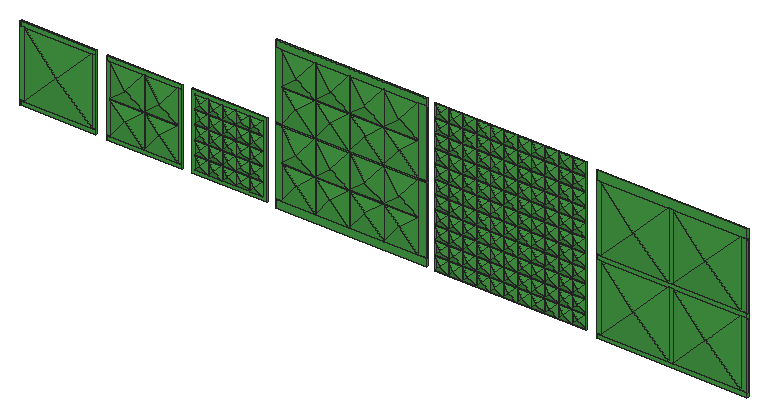
Revit family "BuzziTile3D", category Furniture, Revit 2013
Parameters
  Wood = 2
  Felt = 1
Reference planes (cm)
  plane 1 "Center Front/Back": y = 0
  plane 2: z = 0
  plane 3 "Center Left/Right": x = 0
Dimensions and locks (cm)
  aligned and locked: level to plane 2
Nested families (cm)
  nested 1: "BuzziTile3D_Large_1SQ" at (-75.6048, -4.3413, 0), type "BuzziTile3D_Large_1SQ"
  nested 2: "BuzziTile3D_Large_4SQ" at (-6.3487, -5.1032, 0), type "BuzziTile3D_Large_4SQ"
  nested 3: "BuzziTile3D_Large_25SQ" at (61.1583, -4.9647, 0), type "BuzziTile3D_Large_25SQ"
  nested 4: "BuzziTile3D_XLarge_4SQ" at (129.9442, -6.7792, 0), type "BuzziTile3D_XLarge_4SQ"
  nested 5: "BuzziTile3D_XLarge_25SQ" at (257.7239, -7.9745, 0), type "BuzziTile3D_XLarge_25SQ"
  nested 6: "BuzziTile3D_XLarge_1SQ" at (389.3692, -11.5972, 0), type "BuzziTile3D_XLarge_1SQ"
Definition of nested family "BuzziTile3D_Large_1SQ"
  Parameters (values of type "BuzziTile3D_Large_1SQ")
    material 2 = none
    material = none
  Reference planes (cm)
    plane 1 "Center Front/Back": y = 0
    plane 2: z = 0
    plane 3 "Center Left/Right": x = 0
  Forms (cm)
    Extrusion 1, solid, material <- "material"
      sketch origin (0, -0.1, 0) x (1, 0, 0) y (0, 1, 0)
        loop
          line (-0.047, -0.861) -> (-0.047, -2.854) -> (59.953, -2.854) -> (59.953, -0.861) -> (-0.047, -0.861)
      from 0 to 60
    Extrusion 2, void
      sketch origin (0, 0, 0) x (1, 0, 0) y (0, 1, 0)
        loop
          line (-1.1316, -1) -> (-1.1316, -3.461) -> (60.053, -3.461) -> (60.053, -1) -> (56.906, -1) -> (30.2344, -2.854) -> (29.6717, -2.854) -> (3, -1) -> (-1.1316, -1)
      from 0 to 60
    Sweep 3, void
      path origin (0, -10.5, 0) x (1, 0, 0) y (0, 1, 0)
        loop
          line (0, 10.539) -> (59.953, 10.539)
      profile origin (29.9765, 0.039, 0) x (0, 1, 0) y (0, 0, 1)
        loop
          line (-1, 57.1) -> (-1, 60.1) -> (-4.5, 60.1) -> (-4.5, 0) -> (-1, 0) -> (-1, 2.9) -> (-2.893, 29.7186) -> (-2.893, 30) -> (-2.893, 30.2814) -> (-1, 57.1)
    Extrusion 4, solid, material <- "material 2"
      sketch origin (0, 0, 0) x (1, 0, 0) y (0, 1, 0)
        loop
          line (0, 0) -> (0, -1) -> (60, -1) -> (60, 0) -> (0, 0)
      from 0 to 60
  Cuts and joins
    Extrusion 2, Sweep 3 cuts Extrusion 1
  Dimensions and locks (cm)
    aligned and locked: level to plane 2
Definition of nested family "BuzziTile3D_Large_4SQ"
  Parameters (values of type "BuzziTile3D_Large_4SQ")
    material 2 = none
    material = none
  Reference planes (cm)
    plane 1 "Center Front/Back": y = 0
    plane 2: z = 0
    plane 3 "Center Left/Right": x = 0
  Forms (cm)
    Extrusion 1, solid, material <- "material"
      sketch origin (0, -0.1, 0) x (1, 0, 0) y (0, 1, 0)
        loop
          line (-0.047, -0.861) -> (-0.047, -2.854) -> (59.953, -2.854) -> (59.953, -0.861) -> (-0.047, -0.861)
      from 0 to 60
    Extrusion 2, void
      sketch origin (0, 0, 0) x (1, 0, 0) y (0, 1, 0)
        loop
          line (-1.1316, -1) -> (-1.1316, -3.461) -> (60.053, -3.461) -> (60.053, -1) -> (56.906, -1) -> (43.8516, -2.854) -> (43.2888, -2.854) -> (30.2344, -1) -> (29.6717, -1) -> (16.6172, -2.854) -> (16.0545, -2.854) -> (3, -1) -> (-1.1316, -1)
      from 0 to 60
    Sweep 3, void
      path origin (0, -10.5, 0) x (1, 0, 0) y (0, 1, 0)
        loop
          line (0, 10.539) -> (59.953, 10.539)
      profile origin (29.9765, 0.039, 0) x (0, 1, 0) y (0, 0, 1)
        loop
          line (-2.893, 18.7986) -> (-2.893, 19.08) -> (-2.893, 19.3614) -> (-1.039, 29.7186) -> (-1.039, 30) -> (-1.039, 30.2814) -> (-2.893, 40.6386) -> (-2.893, 40.92) -> (-2.893, 41.2014) -> (-1, 57.1) -> (-1, 60.1) -> (-4.5, 60.1) -> (-4.5, 0) -> (-1, 0) -> (-1, 2.9) -> (-2.893, 18.7986)
    Extrusion 4, solid, material <- "material 2"
      sketch origin (0, 0, 0) x (1, 0, 0) y (0, 1, 0)
        loop
          line (0, 0) -> (0, -1) -> (60, -1) -> (60, 0) -> (0, 0)
      from 0 to 60
  Cuts and joins
    Extrusion 2, Sweep 3 cuts Extrusion 1
  Dimensions and locks (cm)
    aligned and locked: level to plane 2
Definition of nested family "BuzziTile3D_Large_25SQ"
  Parameters (values of type "BuzziTile3D_Large_25SQ")
    material 2 = none
    material = none
  Reference planes (cm)
    plane 1 "Center Front/Back": y = 0
    plane 2: z = 0
    plane 3 "Center Left/Right": x = 0
  Forms (cm)
    Extrusion 1, solid, material <- "material"
      sketch origin (0, -0.1, 0) x (1, 0, 0) y (0, 1, 0)
        loop
          line (-0.047, -0.861) -> (-0.047, -2.854) -> (59.953, -2.854) -> (59.953, -0.861) -> (-0.047, -0.861)
      from 0 to 60
    Extrusion 2, void
      sketch origin (0, 0, 0) x (1, 0, 0) y (0, 1, 0)
        loop
          line (7.8317, -2.854) -> (2.853, -0.961) -> (-0.147, -0.961) -> (-0.147, -3.461) -> (60.053, -3.461) -> (60.053, -0.961) -> (57.053, -0.961) -> (52.0744, -2.854) -> (51.5117, -2.854) -> (46.533, -0.961) -> (46.133, -0.961) -> (41.1544, -2.854) -> (40.5916, -2.854) -> (35.613, -0.961) -> (35.213, -0.961) -> (30.2344, -2.854) -> (29.6717, -2.854) -> (24.693, -0.961) -> (24.293, -0.961) -> (19.3144, -2.854) -> (18.7517, -2.854) -> (13.773, -0.961) -> (13.373, -0.961) -> (8.3944, -2.854) -> (7.8317, -2.854)
      from 0 to 60
    Sweep 3, void
      path origin (0, -10.5, 0) x (1, 0, 0) y (0, 1, 0)
        loop
          line (0, 10.539) -> (59.953, 10.539)
      profile origin (29.9765, 0.039, 0) x (0, 1, 0) y (0, 0, 1)
        loop
          line (-1, 2.9) -> (-2.893, 7.8786) -> (-2.893, 8.16) -> (-2.893, 8.4414) -> (-1, 13.42) -> (-1, 13.82) -> (-2.893, 18.7986) -> (-2.893, 19.08) -> (-2.893, 19.3614) -> (-1, 24.34) -> (-1, 24.74) -> (-2.893, 29.7186) -> (-2.893, 30) -> (-2.893, 30.2814) -> (-1, 35.26) -> (-1, 35.66) -> (-2.893, 40.6386) -> (-2.893, 40.92) -> (-2.893, 41.2014) -> (-1, 46.18) -> (-1, 46.58) -> (-2.893, 51.5586) -> (-2.893, 51.84) -> (-2.893, 52.1214) -> (-1, 57.1) -> (-1, 60.1) -> (-4.5, 60.1) -> (-4.5, 0) -> (-1, 0) -> (-1, 2.9)
    Extrusion 4, solid, material <- "material 2"
      sketch origin (0, 0, 0) x (1, 0, 0) y (0, 1, 0)
        loop
          line (0, 0) -> (0, -1) -> (60, -1) -> (60, 0) -> (0, 0)
      from 0 to 60
  Cuts and joins
    Extrusion 2, Sweep 3 cuts Extrusion 1
  Dimensions and locks (cm)
    aligned and locked: level to plane 2
Definition of nested family "BuzziTile3D_XLarge_4SQ"
  Parameters (values of type "BuzziTile3D_XLarge_4SQ")
    material 2 = none
    material = none
  Reference planes (cm)
    plane 1 "Center Front/Back": y = 0
    plane 2: z = 0
    plane 3 "Center Left/Right": x = 0
  Forms (cm)
    Extrusion 1, solid, material <- "material"
      sketch origin (0, -0.1, 0) x (1, 0, 0) y (0, 1, 0)
        loop
          line (-0.047, -0.861) -> (-0.047, -2.854) -> (120, -2.854) -> (120, -0.861) -> (-0.047, -0.861)
      from 0 to 120
    Extrusion 2, void
      sketch origin (0, 0, 0) x (1, 0, 0) y (0, 1, 0)
        loop
          line (-1.1316, -1) -> (-1.1316, -3.461) -> (120.053, -3.461) -> (120.053, -1) -> (112.8748, -1) -> (99.8204, -2.854) -> (99.2576, -2.854) -> (86.2032, -1) -> (85.6404, -1) -> (72.586, -2.854) -> (72.0232, -2.854) -> (58.9688, -1) -> (58.406, -1) -> (45.3516, -2.854) -> (44.7888, -2.854) -> (31.7344, -1) -> (31.1717, -1) -> (18.1172, -2.854) -> (17.5545, -2.854) -> (4.5, -1) -> (-1.1316, -1)
      from 0 to 120
    Sweep 3, void
      path origin (0, -10.5, 0) x (1, 0, 0) y (0, 1, 0)
        loop
          line (0, 10.539) -> (120.5, 10.539)
      profile origin (60.25, 0.039, 0) x (0, 1, 0) y (0, 0, 1)
        loop
          line (-2.893, 21.7986) -> (-2.893, 22.08) -> (-2.893, 22.3614) -> (-1.039, 32.7186) -> (-1.039, 33) -> (-1.039, 33.2814) -> (-2.893, 43.6386) -> (-2.893, 43.92) -> (-2.893, 44.2014) -> (-1, 60.1) -> (-1, 60.3814) -> (-1, 60.6627) -> (-2.893, 76.5614) -> (-2.893, 76.8427) -> (-2.893, 77.1241) -> (-1.039, 87.4814) -> (-1.039, 87.7627) -> (-1.039, 88.0441) -> (-2.893, 98.4014) -> (-2.893, 98.6827) -> (-2.893, 98.9641) -> (-1, 114.8627) -> (-1, 120) -> (-4.5, 120) -> (-4.5, 0) -> (-1, 0) -> (-1, 5.9) -> (-2.893, 21.7986)
    Extrusion 4, solid, material <- "material 2"
      sketch origin (0, 0, 0) x (1, 0, 0) y (0, 1, 0)
        loop
          line (0, 0) -> (0, -1) -> (120, -1) -> (120, 0) -> (0, 0)
      from 0 to 120
  Cuts and joins
    Extrusion 2, Sweep 3 cuts Extrusion 1
  Dimensions and locks (cm)
    aligned and locked: level to plane 2
Definition of nested family "BuzziTile3D_XLarge_25SQ"
  Parameters (values of type "BuzziTile3D_XLarge_25SQ")
    material 2 = none
    material = none
  Reference planes (cm)
    plane 1 "Center Front/Back": y = 0
    plane 2: z = 0
    plane 3 "Center Left/Right": x = 0
  Forms (cm)
    Extrusion 1, solid, material <- "material"
      sketch origin (0, -0.1, 0) x (1, 0, 0) y (0, 1, 0)
        loop
          line (-0.047, -0.861) -> (-0.047, -2.854) -> (120, -2.854) -> (120, -0.861) -> (-0.047, -0.861)
      from 0 to 120
    Extrusion 2, void
      sketch origin (0, 0, 0) x (1, 0, 0) y (0, 1, 0)
        loop
          line (5.0551, -2.854) -> (0.0764, -0.961) -> (-0.147, -0.961) -> (-0.147, -3.461) -> (120, -3.461) -> (120, -0.961) -> (119.7964, -0.961) -> (114.8178, -2.854) -> (114.255, -2.854) -> (109.2764, -0.961) -> (108.8764, -0.961) -> (103.8978, -2.854) -> (103.3351, -2.854) -> (98.3564, -0.961) -> (97.9564, -0.961) -> (92.9778, -2.854) -> (92.4151, -2.854) -> (87.4364, -0.961) -> (87.0364, -0.961) -> (82.0578, -2.854) -> (81.495, -2.854) -> (76.5164, -0.961) -> (76.1164, -0.961) -> (71.1378, -2.854) -> (70.5751, -2.854) -> (65.5964, -0.961) -> (65.1964, -0.961) -> (60.2178, -2.854) -> (59.6551, -2.854) -> (54.6764, -0.961) -> (54.2764, -0.961) -> (49.2978, -2.854) -> (48.7351, -2.854) -> (43.7564, -0.961) -> (43.3564, -0.961) -> (38.3778, -2.854) -> (37.815, -2.854) -> (32.8364, -0.961) -> (32.4364, -0.961) -> (27.4578, -2.854) -> (26.8951, -2.854) -> (21.9164, -0.961) -> (21.5164, -0.961) -> (16.5378, -2.854) -> (15.9751, -2.854) -> (10.9964, -0.961) -> (10.5964, -0.961) -> (5.6178, -2.854) -> (5.0551, -2.854)
      from 0 to 120
    Sweep 3, void
      path origin (0, -10.5, 0) x (1, 0, 0) y (0, 1, 0)
        loop
          line (0, 10.539) -> (122, 10.539)
      profile origin (61, 0.039, 0) x (0, 1, 0) y (0, 0, 1)
        loop
          line (-1, 0.7125) -> (-2.893, 5.6911) -> (-2.893, 5.9725) -> (-2.893, 6.2539) -> (-1, 11.2325) -> (-1, 11.6325) -> (-2.893, 16.6111) -> (-2.893, 16.8925) -> (-2.893, 17.1739) -> (-1, 22.1525) -> (-1, 22.5525) -> (-2.893, 27.5311) -> (-2.893, 27.8125) -> (-2.893, 28.0939) -> (-1, 33.0725) -> (-1, 33.4725) -> (-2.893, 38.4511) -> (-2.893, 38.7325) -> (-2.893, 39.0139) -> (-1, 43.9925) -> (-1, 44.3925) -> (-2.893, 49.3711) -> (-2.893, 49.6525) -> (-2.893, 49.9339) -> (-1, 54.9125) -> (-1, 55.3125) -> (-2.893, 60.2911) -> (-2.893, 60.5725) -> (-2.893, 60.8539) -> (-1, 65.8325) -> (-1, 66.2325) -> (-2.893, 71.2111) -> (-2.893, 71.4925) -> (-2.893, 71.7739) -> (-1, 76.7525) -> (-1, 77.1525) -> (-2.893, 82.1311) -> (-2.893, 82.4125) -> (-2.893, 82.6939) -> (-1, 87.6725) -> (-1, 88.0725) -> (-2.893, 93.0511) -> (-2.893, 93.3325) -> (-2.893, 93.6139) -> (-1, 98.5925) -> (-1, 98.9925) -> (-2.893, 103.9711) -> (-2.893, 104.2525) -> (-2.893, 104.5339) -> (-1, 109.5125) -> (-1, 109.9125) -> (-2.893, 114.8911) -> (-2.893, 115.1725) -> (-2.893, 115.4539) -> (-1, 120.4325) -> (-1, 121) -> (-4.5, 121) -> (-4.5, 0) -> (-1, 0) -> (-1, 0.7125)
    Extrusion 4, solid, material <- "material 2"
      sketch origin (60, 0, 0) x (1, 0, 0) y (0, 1, 0)
        loop
          line (-60, 0) -> (-60, -1) -> (60, -1) -> (60, 0) -> (-60, 0)
      from 0 to 120
  Cuts and joins
    Extrusion 2, Sweep 3 cuts Extrusion 1
  Dimensions and locks (cm)
    aligned and locked: level to plane 2
Definition of nested family "BuzziTile3D_XLarge_1SQ"
  Parameters (values of type "BuzziTile3D_XLarge_1SQ")
    material 2 = 1
    material = 1
  Reference planes (cm)
    plane 1 "Center Front/Back": y = 0
    plane 2: z = 0
    plane 3 "Center Left/Right": x = 0
  Forms (cm)
    Extrusion 1, solid, material "1" <- "material"
      sketch origin (0, -0.1, 0) x (1, 0, 0) y (0, 1, 0)
        loop
          line (-0.047, -0.861) -> (-0.047, -2.854) -> (120, -2.854) -> (120, -0.861) -> (-0.047, -0.861)
      from 0 to 120
    Extrusion 2, void
      sketch origin (0, 0, 0) x (1, 0, 0) y (0, 1, 0)
        loop
          line (-1.1316, -1) -> (-1.1316, -3.461) -> (120, -3.461) -> (120, -1) -> (114.853, -1) -> (88.1814, -2.854) -> (87.6186, -2.854) -> (60.947, -1) -> (57.406, -1) -> (30.7344, -2.854) -> (30.1717, -2.854) -> (3.5, -1) -> (-1.1316, -1)
      from 0 to 120
    Sweep 3, void
      path origin (0, -10.5, 0) x (1, 0, 0) y (0, 1, 0)
        loop
          line (0, 10.539) -> (120, 10.539)
      profile origin (60, 0.039, 0) x (0, 1, 0) y (0, 0, 1)
        loop
          line (-1, 57.1) -> (-1, 59.4469) -> (-2.893, 86.2655) -> (-2.893, 86.5469) -> (-2.893, 86.8282) -> (-1, 113.6469) -> (-1, 120) -> (-4.5, 120) -> (-4.5, 0) -> (-1, 0) -> (-1, 2.9) -> (-2.893, 29.7186) -> (-2.893, 30) -> (-2.893, 30.2814) -> (-1, 57.1)
    Extrusion 4, solid, material "1" <- "material 2"
      sketch origin (0, 0, 0) x (1, 0, 0) y (0, 1, 0)
        loop
          line (0, 0) -> (0, -1) -> (120, -1) -> (120, 0) -> (0, 0)
      from 0 to 120
  Cuts and joins
    Extrusion 2, Sweep 3 cuts Extrusion 1
  Dimensions and locks (cm)
    aligned and locked: level to plane 2
